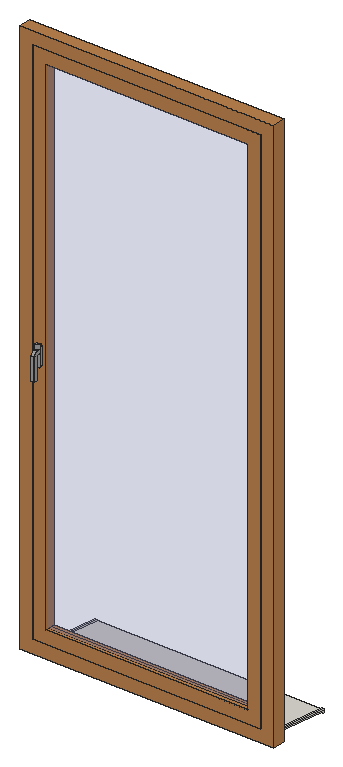
Revit family "728b2ea7d90c4d67a94f402cd976c33f", category Fenêtres, Revit 2024
Family settings
  Hôte = Mur
  Toujours verticalement = Oui
  Couper avec des vides une fois chargée = Non
  Partagée = Non
  Repère de localisation dans la pièce = Non
Parameters (values of type "0.90m x 2.15m")
  Visual Light Transmittance = 0.9
  Définir les propriétés thermiques par = Type schématique
  Solar Heat Gain Coefficient = 0.86
  ID de type de construction = ""
  Coefficient de transfert thermique (U) = 5.5617 W/(m²·K)
  Vitrage = Fenêtre - Vitrage
  Tapées = Fenêtre - Cadre
  Poignée = Fenêtre - Poignée
  Opération = "SinglePanel"
  Hauteur = 2150 mm
  Fermeture du mur = Extérieur
  Largeur = 900 mm
  Fenêtre = Fenêtre - Cadre
  Ep. Isolant = 100 mm
  Encadrement intérieur [instance] = no
  Hauteur de la poignée = 1100 mm
  Appui = Fenêtre - Appui
  Construction analytique = Grandes fenêtres à vitrage simple
Types (3, lengths in mm): name | Largeur
  (no name) | 900
  0.80m x 2.15m | 800
  0.90m x 2.15m | 900
Reference planes
  plane 1: y = 0
  plane 2 "Centre (gauche/droite)": x = 0
  plane 3 "Gauche": x = -450
  plane 4 "Droite": x = 450
  plane 5 "Appui": z = 35
  plane 6 "Tête": z = 2185
  plane 7 "Extérieur": y = 150
  plane 8 "Intérieur": y = -150
  plane 9 "Isolation": y = -50
  plane 10 "ArOuv": y = -110
  plane 11: x = -500
  plane 12: y = -500
  plane 13: y = 500
  plane 14 "AxeVitre": y = -130
  plane 15: z = 1100
  plane 16: z = 1110
Forms (mm)
  Extrusion 1, void
    sketch origin (-450, 0, 0) x (0, -1, 0) y (0, 0, 1)
      loop
        line (-263.003, 0) -> (70, 35) -> (500, 35) -> (500, 2185) -> (-500, 2185) -> (-500, 0) -> (-263.003, 0)
    from -900 to 0
  Sweep 2, void
    path origin (0, -150, 0) x (1, 0, 0) y (0, 0, 1)
      loop
        line (-450, 35) -> (-450, 2185) -> (450, 2185) -> (450, 35)
    profile origin (-450, -150, 1110) x (-1, 0, 0) y (0, -1, 0)
      loop
        line (0, 0) -> (0, -100) -> (10, -100) -> (10, -50) -> (50, -50) -> (50, 0) -> (0, 0)
  Sweep 3, solid, material "Fenêtre - Cadre" <- "Fenêtre"
    path origin (0, -150, 0) x (1, 0, 0) y (0, 0, 1)
      loop
        line (-450, 35) -> (-450, 2185) -> (450, 2185) -> (450, 35)
    profile origin (-450, -150, 1110) x (-1, 0, 0) y (0, -1, 0)
      loop
        line (50, 0) -> (0, 0) -> (0, -40) -> (-15, -40) -> (-15, -50) -> (50, -50) -> (50, 0)
  Sweep 4, solid, material "Fenêtre - Cadre" <- "Tapées"
    path origin (0, -150, 0) x (1, 0, 0) y (0, 0, 1)
      loop
        line (-450, 35) -> (-450, 2185) -> (450, 2185) -> (450, 35)
    profile origin (-450, -150, 1110) x (-1, 0, 0) y (0, -1, 0)
      loop
        line (10, -100) -> (10, -50) -> (0, -50) -> (0, -100) -> (10, -100)
  Extrusion 5, solid, material "Fenêtre - Cadre" <- "Fenêtre"
    sketch origin (450, 0, 0) x (0, -1, 0) y (0, 0, 1)
      loop
        line (150, 35) -> (150, 85) -> (110, 85) -> (110, 100) -> (100, 100) -> (100, 74.376) -> (50, 60.979) -> (50, 45) -> (60, 45) -> (60, 50) -> (70, 50) -> (70, 35) -> (150, 35)
    from 0 to 900
  Sweep 6, solid, material "Fenêtre - Cadre" <- "Fenêtre"
    path origin (0, -110, 0) x (-1, 0, 0) y (0, 0, 1)
      loop
        line (450, 2185) -> (-450, 2185) -> (-450, 85) -> (450, 85) -> (450, 2185)
    profile origin (-450, -110, 1135) x (0, 1, 0) y (-1, 0, 0)
      loop
        line (-40, 0) -> (-40, -50) -> (0, -50) -> (0, 0) -> (-40, 0)
  Extrusion 7, solid, material "Fenêtre - Vitrage" <- "Vitrage"
    sketch origin (0, -130, 0) x (-1, 0, 0) y (0, 0, 1)
      loop
        line (400, 2135) -> (-400, 2135) -> (-400, 135) -> (400, 135) -> (400, 2135)
    from 6 to -6
  Sweep 8, solid, material "Fenêtre - Cadre" <- "Fenêtre", visible <- "Encadrement intérieur", detail levels fine
    path origin (0, -150, 0) x (1, 0, 0) y (0, 0, 1)
      loop
        line (-500, 2235) -> (-500, 50) -> (500, 50) -> (500, 2235) -> (-500, 2235)
    profile origin (-500, -150, 1142.5) x (0, -1, 0) y (1, 0, 0)
      loop
        line (2, -14) -> (2, 14) -> (1, 15) -> (0, 15) -> (0, -15) -> (1, -15) -> (2, -14)
Cuts and joins
  joined: Sweep 3, Extrusion 5
Lines and regions (mm)
  symbolic lines, style "Sens d'ouverture de l'élévation"
    curve 1: line (450, -130, 2185) -> (-450, -130, 1110)
    curve 2: line (450, -130, 85) -> (-450, -130, 1110)
Text (mm)
  text "Extérieur" at (-1963.203, 1332.353, 0), in view "Niveau de réf."
  text "Intérieur" at (-1981.466, -818.386, 0), in view "Niveau de réf."
  text "Extérieur" at (0, 923.751, 2943.296), in view "Droite"
  text "Extérieur" at (0, 1040.484, 2685.409), in view "Gauche"
Dimensions and locks
  equal spacing: plane 3 "Gauche", plane 2 "Centre (gauche/droite)", plane 4 "Droite"
  "Largeur": plane 3 "Gauche" to plane 4 "Droite"
  locked: level to plane 5 "Appui" at 35
  "Hauteur": plane 6 "Tête" to plane 5 "Appui"
  locked: plane 7 "Extérieur" to host wall
  locked: plane 8 "Intérieur" to host wall
  "Ep. Isolant": plane 9 "Isolation" to plane 8 "Intérieur"
  locked: plane 10 "ArOuv" to plane 8 "Intérieur" at 40
  locked: plane 11 to plane 3 "Gauche" at 50
  locked: Sweep 2 sketch curve to plane 3 "Gauche" at 10
  plane 12 to host wall to plane 13 = 500 mm locked, 500 mm locked
  locked: plane 3 "Gauche" to Sweep 3 sketch curve at 15
  locked: Sweep 3 sketch curve to plane 10 "ArOuv" at 10
  locked: Sweep 2 sketch curve to plane 10 "ArOuv" at 10
  locked: Sweep 4 sketch curve to plane 10 "ArOuv" at 10
  locked: Sweep 4 sketch curve to plane 3 "Gauche" at 10
  locked: plane 5 "Appui" to Extrusion 5 sketch curve at 50
  locked: Extrusion 5 sketch curve to plane 10 "ArOuv" at 10
  equal spacing: plane 10 "ArOuv", plane 14 "AxeVitre", plane 8 "Intérieur"
  "Hauteur de la poignée": plane 15 to level
  locked: Extrusion 5 sketch curve to Extrusion 5 sketch curve at 15
  locked: plane 3 "Gauche" to Sweep 6 sketch curve at 50
  locked: Sweep 8 sketch curve to profile plane at 2
  equal spacing: Sweep 8 sketch curve, profile plane, Sweep 8 sketch curve
  locked: Sweep 8 sketch curve to profile plane at 15
  locked: plane 3 "Gauche" to nested 2 at 25
  equal spacing: plane 6 "Tête", plane 16, plane 5 "Appui"
  locked: Extrusion 1 sketch curve to plane 9 "Isolation" at 20
  locked: Extrusion 5 sketch curve to plane 9 "Isolation" at 20
  locked: Extrusion 5 sketch curve to Extrusion 5 sketch curve at 10
  locked: plane 5 "Appui" to Extrusion 5 sketch curve at 15
  locked: plane 5 "Appui" to Extrusion 5 sketch curve at 10
  locked: plane 5 "Appui" to nested 1 at 15
  locked: Extrusion 5 sketch curve to plane 10 "ArOuv" (angle 105.00°)
  locked: Extrusion 1 sketch curve to Extrusion 1 sketch curve (angle 6.00°)
  aligned and locked: Sweep 2 sketch curve to plane 3 "Gauche"
  aligned and locked: Sweep 2 sketch curve to plane 6 "Tête"
  aligned and locked: Sweep 2 sketch curve to plane 4 "Droite"
  aligned and locked: plane 5 "Appui" to Sweep 2 sketch curve  (x2)
  aligned and locked: Sweep 2 sketch curve to plane 9 "Isolation"
  aligned and locked: plane 11 to Sweep 2 sketch curve
  aligned and locked: plane 3 "Gauche" to Sweep 2 sketch curve
  aligned and locked: Sweep 2 sketch curve to plane 8 "Intérieur"
  aligned and locked: plane 6 "Tête" to Extrusion 1 sketch curve
  aligned and locked: Extrusion 1 to plane 13
  aligned and locked: plane 12 to Extrusion 1 sketch curve
  aligned and locked: plane 13 to Extrusion 1 sketch curve
  aligned and locked: Extrusion 1 to plane 4 "Droite"
  aligned and locked: plane 3 "Gauche" to Extrusion 1
  aligned and locked: Sweep 3 sketch curve to plane 3 "Gauche"
  aligned and locked: Sweep 3 sketch curve to plane 6 "Tête"
  aligned and locked: Sweep 3 sketch curve to plane 4 "Droite"
  aligned and locked: Sweep 3 sketch curve to profile plane
  aligned and locked: plane 11 to Sweep 3 sketch curve
  aligned and locked: plane 3 "Gauche" to Sweep 3 sketch curve
  aligned and locked: plane 10 "ArOuv" to Sweep 3 sketch curve
  aligned and locked: Sweep 4 sketch curve to plane 3 "Gauche"
  aligned and locked: Sweep 4 sketch curve to plane 6 "Tête"
  aligned and locked: Sweep 4 sketch curve to plane 4 "Droite"
  aligned and locked: plane 5 "Appui" to Sweep 4 sketch curve  (x2)
  aligned and locked: Sweep 4 sketch curve to plane 9 "Isolation"
  aligned and locked: plane 3 "Gauche" to Sweep 4 sketch curve
  aligned and locked: plane 5 "Appui" to Sweep 3 sketch curve  (x2)
  aligned and locked: plane 10 "ArOuv" to Extrusion 5 sketch curve
  aligned and locked: Extrusion 5 to plane 4 "Droite"
  aligned and locked: plane 3 "Gauche" to Extrusion 5
  aligned and locked: plane 2 "Centre (gauche/droite)" to nested 1
  aligned and locked: plane 8 "Intérieur" to Extrusion 5 sketch curve
  aligned and locked: Sweep 6 sketch curve to Sweep 4  (x2)
  aligned and locked: Sweep 4 to Sweep 6 sketch curve
  aligned and locked: Sweep 6 sketch curve to cut or joined group of Sweep 3, Extrusion 5
  aligned and locked: plane 3 "Gauche" to Sweep 6 sketch curve
  aligned and locked: plane 10 "ArOuv" to Sweep 6 sketch curve
  aligned and locked: plane 8 "Intérieur" to Sweep 6 sketch curve
  aligned and locked: Extrusion 7 sketch curve to Sweep 6  (x4)
  aligned and locked: Sweep 8 sketch curve to cut or joined group of Sweep 3, Extrusion 5  (x2)
  aligned and locked: cut or joined group of Sweep 3, Extrusion 5 to Sweep 8 sketch curve
  aligned and locked: Sweep 8 sketch curve to profile plane
  aligned and locked: plane 15 to nested 2
  aligned and locked: level to Extrusion 1 sketch curve
  aligned and locked: plane 9 "Isolation" to Extrusion 5 sketch curve
  aligned and locked: plane 5 "Appui" to Extrusion 5 sketch curve
  aligned and locked: plane 5 "Appui" to Extrusion 1 sketch curve
  aligned and locked: plane 9 "Isolation" to nested 1
Automatic sketch dimensions
  Sweep 8 sketch curve to Sweep 8 sketch curve = 1 mm  (x4)
  curve 2 to plane 4 "Droite" = 0 mm
  curve 1 to plane 4 "Droite" = 0 mm
  curve 1 to plane 3 "Gauche" = 0 mm
  curve 1 to plane 16 = 0 mm
  curve 1 to plane 6 "Tête" = 0 mm
  curve 2 to plane 5 "Appui" = 50 mm
  Extrusion 5 sketch curve to Extrusion 5 sketch curve = 10.979 mm
Nested families
  nested 1: "Appuis Alu-PF" at (0, 0, -850), type "Appui Alu"
    with Largeur 900 mm
  nested 2: "Poignée Fenêtre" at (-425, 0, -500) x (-1, 0, 0) z (0, 0, 1), type "Poignée Fenêtre", detail levels fine
    with Hauteur de la poignée 1600 mm
Definition of nested family "Appuis Alu-PF"
  Parameters
    URL = ""
    Height = 1000 mm
    Hauteur de l'appui par défaut = 900 mm
    Wall Closure = (empty or 0)
    Width = 1200 mm
    Finition = none
    EI = 100 mm
    Assembly Code = ""
  Reference planes
    plane 1: y = 0
    plane 2 "Centre (gauche/droite)": x = 0
    plane 3 "Gauche": x = -600
    plane 4 "Droite": x = 600
    plane 5 "Appui": z = 900
    plane 6 "Tête": z = 1900
    plane 7 "Extérieur": y = 150
    plane 8 "Intérieur": y = -150
    plane 9 "Isolation": y = -50
    plane 10: y = -70
    plane 11: y = -20
    plane 12: z = 820
    plane 13: z = 885
  Forms (mm)
    Extrusion 1, solid, material <- "Finition"
      sketch origin (0, 0, 0) x (0, 1, 0) y (0, 0, 1)
        loop
          line (-65, 889.73) -> (-65, 900) -> (-70, 900) -> (-70, 885) -> (155.029, 861.349) -> (155.029, 855.526) -> (160.029, 855) -> (160.029, 866.078) -> (-65, 889.73)
      from -600 to 600
    Extrusion 2, solid, material <- "Finition", detail levels fine
      sketch origin (600, 0, 0) x (0, -1, 0) y (0, 0, 1)
        loop
          line (65, 889.73) -> (65, 894.757) -> (-156.447, 871.482)
          arc (-156.447, 871.482) -> (-159.001, 870.181) -> (-160.029, 867.504) r 4
          line (-160.029, 867.504) -> (-160.029, 866.078) -> (65, 889.73)
      from 0 to 5
    Extrusion 3, solid, material <- "Finition", detail levels fine
      sketch origin (-600, 0, 0) x (0, -1, 0) y (0, 0, 1)
        loop
          line (65, 889.73) -> (65, 894.757) -> (-156.447, 871.482)
          arc (-156.447, 871.482) -> (-159.001, 870.181) -> (-160.029, 867.504) r 4
          line (-160.029, 867.504) -> (-160.029, 866.078) -> (65, 889.73)
      from 0 to -5
  Lines and regions (mm)
    reference lines
      curve 1: line (0, -20, 885) -> (0, 233.603, 858.345)
  Text (mm)
    text "Extérieur" at (-1963.203, 1332.353, 0), in view "Niveau de réf."
    text "Intérieur" at (-1981.466, -818.386, 0), in view "Niveau de réf."
    text "Extérieur" at (0, 923.751, 2943.296), in view "Droite"
    text "Extérieur" at (0, 1040.484, 2685.409), in view "Gauche"
  Dimensions and locks
    equal spacing: plane 3 "Gauche", plane 2 "Centre (gauche/droite)", plane 4 "Droite"
    "Width": plane 3 "Gauche" to plane 4 "Droite"
    "Height": plane 5 "Appui" to plane 6 "Tête"
    "Hauteur de l'appui par défaut": plane 5 "Appui" to level
    locked: plane 7 "Extérieur" to host wall
    locked: plane 8 "Intérieur" to host wall
    "EI": plane 9 "Isolation" to plane 8 "Intérieur"
    locked: plane 10 to plane 9 "Isolation" at 20
    locked: plane 9 "Isolation" to plane 11 at 30
    locked: plane 12 to plane 5 "Appui" at 80
    locked: plane 13 to plane 5 "Appui" at 15
    locked: Extrusion 1 sketch curve to Extrusion 1 sketch curve at 5
    locked: plane 10 to Extrusion 1 sketch curve at 5
    locked: Extrusion 2 sketch curve to Extrusion 2 sketch curve at 5
    locked: Extrusion 3 sketch curve to Extrusion 3 sketch curve at 5
    locked: Extrusion 1 sketch curve to curve 1 at 5.226
    locked: host wall to Extrusion 1 sketch curve at 5.029
    locked: curve 1 to plane 13 (angle 6.00°)
    aligned and locked: Extrusion 1 sketch curve to curve 1
    aligned and locked: plane 5 "Appui" to Extrusion 1 sketch curve
    aligned and locked: plane 3 "Gauche" to Extrusion 1
    aligned and locked: Extrusion 1 to plane 4 "Droite"
    aligned and locked: Extrusion 1 to Extrusion 2 sketch curve
    aligned and locked: Extrusion 3 sketch curve to Extrusion 1
    aligned and locked: Extrusion 3 sketch curve to curve 1
    aligned and locked: Extrusion 1 to Extrusion 3 sketch curve
    aligned and locked: Extrusion 2 sketch curve to curve 1
    aligned and locked: Extrusion 2 sketch curve to Extrusion 1
    aligned and locked: plane 10 to Extrusion 1 sketch curve
  Automatic sketch dimensions
    curve 1 to plane 11 = 0 mm
    curve 1 to plane 13 = 0 mm
    Extrusion 2 sketch curve to Extrusion 2 sketch curve = 0.418 mm
    Extrusion 2 sketch curve to Extrusion 2 sketch curve = 1.426 mm
    Extrusion 3 sketch curve to Extrusion 3 sketch curve = 0.418 mm
    Extrusion 3 sketch curve to Extrusion 3 sketch curve = 1.426 mm
    Extrusion 1 sketch curve to Extrusion 1 sketch curve = 5.823 mm
    Extrusion 1 sketch curve to Extrusion 1 sketch curve = 0.526 mm
Definition of nested family "Poignée Fenêtre"
  Parameters
    Poignée = none
    Height = 1500 mm
    Hauteur de l'appui par défaut = 800 mm
    Wall Closure = (empty or 0)
    Width = 1000 mm
    Hauteur de la poignée = 900 mm
    Assembly Code = ""
  Reference planes
    plane 1: y = 0
    plane 2 "Centre (gauche/droite)": x = 0
    plane 3 "Extérieur": y = 75
    plane 4 "Intérieur": y = -75
    plane 5: z = 900
  Forms (mm)
    Extrusion 1, solid, material <- "Poignée"
      sketch origin (-5000, 75, 0) x (-1, 0, 0) y (0, 0, 1)
        loop
          line (-5007, 940) -> (-5012, 935) -> (-5012, 865) -> (-5007, 860) -> (-4993, 860) -> (-4988, 865) -> (-4988, 935) -> (-4993, 940) -> (-5007, 940)
      from 0 to 6
    Sweep 2, solid, material <- "Poignée"
      path origin (0, 0, 0) x (0, 1, 0) y (0, 0, 1)
        loop
          line (81, 915) -> (91, 915) -> (101, 905) -> (101, 820)
      profile origin (0, 86, 915) x (0, 0, 1) y (1, 0, 0)
        loop
          line (5.646, -7.034) -> (7.034, -5.646) -> (7.034, 5.646) -> (5.646, 7.034) -> (-5.668, 7.034) -> (-7.034, 5.668) -> (-7.034, -5.668) -> (-5.668, -7.034) -> (5.646, -7.034)
  Text (mm)
    text "Extérieur" at (-1963.203, 1332.353, 0), in view "Niveau de réf."
    text "Intérieur" at (-1981.466, -818.386, 0), in view "Niveau de réf."
    text "Extérieur" at (0, 923.751, 2943.296), in view "Droite"
    text "Extérieur" at (0, 1040.484, 2685.409), in view "Gauche"
  Dimensions and locks
    locked: plane 3 "Extérieur" to host wall
    locked: plane 4 "Intérieur" to host wall
    equal spacing: Extrusion 1 sketch curve, plane 2 "Centre (gauche/droite)", Extrusion 1 sketch curve
    equal spacing: Extrusion 1 sketch curve, plane 5, Extrusion 1 sketch curve
    locked: plane 5 to Extrusion 1 sketch curve at 40
    locked: plane 2 "Centre (gauche/droite)" to Extrusion 1 sketch curve at 12
    "Hauteur de la poignée": level to plane 5
  Automatic sketch dimensions
    Sweep 2 sketch curve to plane 3 "Extérieur" = 6 mm
    Sweep 2 sketch curve to Sweep 2 sketch curve = 10 mm  (x2)
    Sweep 2 sketch curve to plane 3 "Extérieur" = 26 mm
    Sweep 2 sketch curve to plane 5 = 80 mm
    plane 5 to Sweep 2 sketch curve = 5 mm
    profile plane to Sweep 2 sketch curve = 7.034 mm
    Sweep 2 sketch curve to Sweep 2 sketch curve = 1.366 mm  (x3)
    Sweep 2 sketch curve to profile plane = 5.646 mm  (x2)
    Sweep 2 sketch curve to Sweep 2 sketch curve = 1.388 mm  (x3)
    Sweep 2 sketch curve to plane 2 "Centre (gauche/droite)" = 7.034 mm
    plane 2 "Centre (gauche/droite)" to Sweep 2 sketch curve = 5.646 mm
    plane 2 "Centre (gauche/droite)" to Sweep 2 sketch curve = 5.668 mm
    Extrusion 1 sketch curve to Extrusion 1 sketch curve = 5 mm  (x8)
